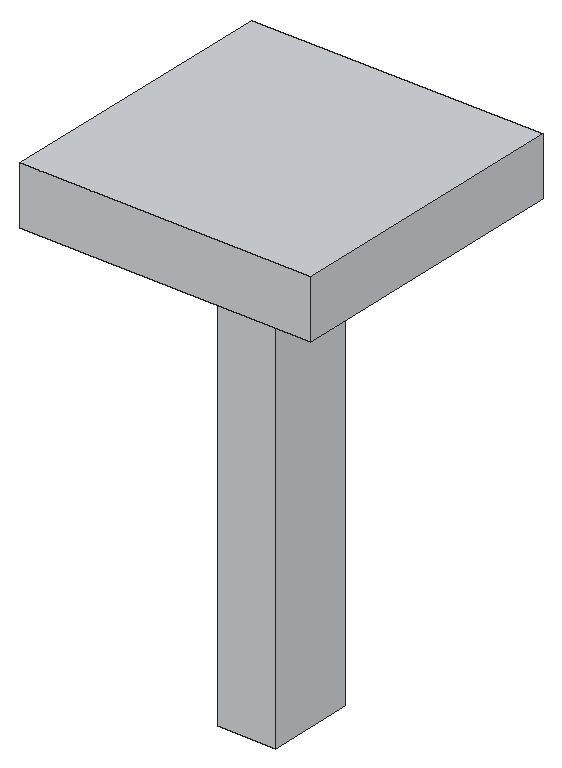
Revit family "Concrete_Rectangular Column with Drop Caps", category Structural Columns, Revit 2024
Family settings
  Display in Hidden Views = Edges Hidden by Other Members
  Section Shape = Not Defined
  Material for Model Behavior = Concrete
  Always export as geometry = No
  Beam cutback in plan = From bounding box
  Cut with Voids When Loaded = No
  Symbolic Representation = From Family
  Shared = No
  Show family pre-cut in plan views = No
Parameters (values of type "300 x 450")
  Structural Material [instance] = none
  Show Drop Panel [instance] = yes
  Show Capital [instance] = yes
  Height 1 [instance] = if(Show Capital, Capital Height, 0 mm)  # 300 mm
  EA_Repath [instance] = 0 mm
  Drop Panel Length = 1500 mm
  Slab Thickness = 120 mm
  Drop Panel Width = 1500 mm
  Drop Panel Thickness = 300 mm
  Capital Top Length = 900 mm
  Capital Top Width = 1050 mm
  Capital Top Offset [instance] = if(Show Drop Panel, Drop Panel Thickness, 0 mm)  # 300 mm
  Capital Height = 300 mm
  Assembly Code = "B10"
  b = 300 mm
  h = 450 mm
Types (3, lengths in mm): name | b | h
  300 x 450 | 300 | 450
  450 x 600 | 450 | 600
  600 x 750 | 600 | 750
Reference planes
  plane 1 "Center (Front/Back)": y = 0
  plane 2: z = 0
  plane 3 "Center (Left/Right)": x = 0
  plane 4: x = -150
  plane 5: x = 150
  plane 6: y = 225
  plane 7: y = -225
  plane 8: z = 2743.2
  plane 9: z = 2623.2
  plane 10: z = 2323.2
  plane 11: z = 2023.2
  plane 12: z = 2023.2
  plane 13: x = -750
  plane 14: x = 750
  plane 15: y = 750
  plane 16: y = -750
  plane 17: x = -450
  plane 18: x = 450
  plane 19: y = 525
  plane 20: y = -525
  plane 21: z = 2323.2
Forms (mm)
  Extrusion 1, solid, material <- "Structural Material"
    sketch origin (0, 0, 0) x (1, 0, 0) y (0, 1, 0)
      loop
        line (-150, 225) -> (-150, -225) -> (150, -225) -> (150, 225) -> (-150, 225)
    from 0 to 2023.2
Lines and regions (mm)
  symbolic lines, style "HiddenStructuralColumnLines"
    curve 1: line (-150, 225, 0) -> (150, 225, 0)
    curve 2: line (-150, -225, 0) -> (-150, 225, 0)
    curve 3: line (150, -225, 0) -> (-150, -225, 0)
    curve 4: line (150, 225, 0) -> (150, -225, 0)
Dimensions and locks
  equal spacing: plane 4, plane 3 "Center (Left/Right)", plane 5
  equal spacing: plane 7, plane 1 "Center (Front/Back)", plane 6
  "h": plane 7 to plane 6
  "b": plane 4 to plane 5
  "Drop Panel Thickness": plane 9 to plane 10
  "Slab Thickness": plane 8 to plane 9
  plane 11 to plane 2 = 2023.2 mm
  "Drop Panel Length": plane 13 to plane 14
  equal spacing: plane 13, plane 3 "Center (Left/Right)", plane 14
  "Drop Panel Width": plane 16 to plane 15
  equal spacing: plane 15, plane 1 "Center (Front/Back)", plane 16
  "Capital Top Length": plane 17 to plane 18
  equal spacing: plane 17, plane 3 "Center (Left/Right)", plane 18
  "Capital Top Width": plane 20 to plane 19
  equal spacing: plane 20, plane 1 "Center (Front/Back)", plane 19
  "Capital Top Offset": plane 9 to plane 21
  "Capital Height": plane 21 to plane 11
  "Height 1": plane 21 to plane 12
  aligned and locked: level to plane 2
  aligned and locked: level to plane 8
  aligned and locked: plane 9 to nested 1
  aligned and locked: nested 1 to plane 10
  aligned and locked: nested 1 to plane 13  (x2)
  aligned and locked: plane 14 to nested 1  (x2)
  aligned and locked: plane 15 to nested 1
  aligned and locked: plane 16 to nested 1
  aligned and locked: plane 19 to nested 2
  aligned and locked: plane 20 to nested 2
  aligned and locked: nested 2 to plane 17
  aligned and locked: nested 2 to plane 18
  aligned and locked: plane 6 to Extrusion 1 sketch curve
  aligned and locked: Extrusion 1 sketch curve to plane 7
  aligned and locked: Extrusion 1 sketch curve to plane 4
  aligned and locked: plane 5 to Extrusion 1 sketch curve
  aligned and locked: plane 12 to Extrusion 1
  aligned and locked: nested 2 to plane 11
  aligned and locked: plane 21 to nested 2
  aligned and locked: plane 4 to curve 1
  aligned and locked: plane 6 to curve 1
  aligned and locked: plane 7 to curve 4
  aligned and locked: plane 5 to curve 4
Nested families
  nested 1: "M_Flat Drop Cap" at (0, 0, 2743.2), visible <- "Show Drop Panel", type "M_Flat Drop Cap"
  nested 2: "M_Rectangular Blend Capital" at (0, 0, 2443.2), visible <- "Show Capital", type "M_Rectangular Blend Capital"
Definition of nested family "M_Flat Drop Cap"
  Parameters
    Slab Thickness = 120 mm
    Default Elevation = 0 mm
    Cap Material = none
    Drop Panel Width = 1500 mm
    Drop Panel Thickness = 300 mm
    Drop Panel Length = 1500 mm
    Assembly Code = ""
  Reference planes
    plane 1 "Center (Front/Back)": y = 0
    plane 2: z = 0
    plane 3 "Center (Left/Right)": x = 0
    plane 4: y = 750
    plane 5: y = -750
    plane 6: x = -750
    plane 7: x = 750
    plane 8: z = -120
    plane 9: z = -420
  Forms (mm)
    Extrusion 1, solid, material <- "Cap Material"
      sketch origin (0, 0, 0) x (1, 0, 0) y (0, 1, 0)
        loop
          line (-750, 750) -> (-750, -750) -> (750, -750) -> (750, 750) -> (-750, 750)
      from -120 to -420
  Dimensions and locks
    "Drop Panel Length": plane 6 to plane 7
    "Drop Panel Width": plane 4 to plane 5
    equal spacing: plane 6, plane 3 "Center (Left/Right)", plane 7
    equal spacing: plane 4, plane 1 "Center (Front/Back)", plane 5
    "Slab Thickness": plane 2 to plane 8
    "Drop Panel Thickness": plane 8 to plane 9
    aligned and locked: plane 2 to level
    aligned and locked: plane 6 to Extrusion 1 sketch curve
    aligned and locked: Extrusion 1 sketch curve to plane 4
    aligned and locked: plane 5 to Extrusion 1 sketch curve
    aligned and locked: Extrusion 1 sketch curve to plane 7
    aligned and locked: Extrusion 1 to plane 9
    aligned and locked: plane 8 to Extrusion 1
Definition of nested family "M_Rectangular Blend Capital"
  Parameters
    Slab Thickness = 120 mm
    Default Elevation = 0 mm
    Cap Material = none
    Cap Top Width = 1050 mm
    Cap Top Length = 900 mm
    Cap Thickness = 300 mm
    Cap Base Width = 450 mm
    Cap Base Length = 300 mm
    Assembly Code = ""
  Reference planes
    plane 1 "Center (Front/Back)": y = 0
    plane 2: z = 0
    plane 3 "Center (Left/Right)": x = 0
    plane 4: y = 225
    plane 5: y = -225
    plane 6: x = -150
    plane 7: x = 150
    plane 8: y = 525
    plane 9: x = -450
    plane 10: x = 450
    plane 11: y = -525
    plane 12 "Cap Top": z = -120
    plane 13 "Cap Base": z = -420
  Forms (mm)
    Blend 1, solid, material <- "Cap Material"
      base sketch origin (0, 0, -120) x (-1, 0, 0) y (0, -1, 0)
        loop
          line (150, -225) -> (150, 225) -> (-150, 225) -> (-150, -225) -> (150, -225)
      top sketch origin (0, 0, -420) x (-1, 0, 0) y (0, -1, 0)
        loop
          line (450, -525) -> (450, 525) -> (-450, 525) -> (-450, -525) -> (450, -525)
      from -300 to 300
  Dimensions and locks
    "Cap Base Length": plane 6 to plane 7
    "Cap Base Width": plane 4 to plane 5
    equal spacing: plane 6, plane 3 "Center (Left/Right)", plane 7
    equal spacing: plane 4, plane 1 "Center (Front/Back)", plane 5
    "Cap Top Length": plane 9 to plane 10
    "Cap Top Width": plane 11 to plane 8
    equal spacing: plane 9, plane 3 "Center (Left/Right)", plane 10
    equal spacing: plane 11, plane 1 "Center (Front/Back)", plane 8
    "Slab Thickness": plane 2 to plane 12 "Cap Top"
    "Cap Thickness": plane 12 "Cap Top" to plane 13 "Cap Base"
    aligned and locked: plane 2 to level
    aligned and locked: plane 6 to Blend 1 sketch curve
    aligned and locked: Blend 1 sketch curve to plane 4
    aligned and locked: plane 5 to Blend 1 sketch curve
    aligned and locked: Blend 1 sketch curve to plane 7
    aligned and locked: plane 9 to Blend 1 sketch curve
    aligned and locked: Blend 1 sketch curve to plane 8
    aligned and locked: plane 11 to Blend 1 sketch curve
    aligned and locked: plane 10 to Blend 1 sketch curve
    aligned and locked: Blend 1 to plane 13 "Cap Base"
    aligned and locked: plane 12 "Cap Top" to Blend 1
